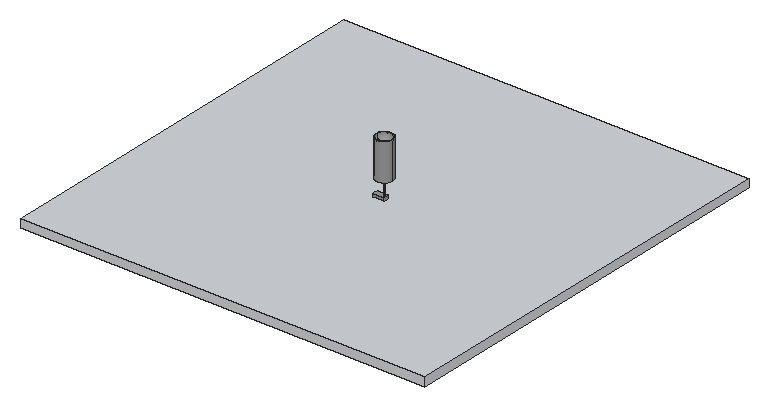
Revit family "LAMP_KOMBIC 100 SURFACE SUSPENDED TRACK OPAL TW", category Luminarias, Revit 2018
Family settings
  Anfitrión = Cara
  Cota de conector redondo = Diámetro de uso
  Tipo de pieza = Normal
  Corte con vacíos al cargar = No
  Origen de luz = Sí
  Compartido = No
  Punto de cálculo de habitación = No
Parameters (values of type "1246LM TWK DALI W/B")
  Ángulo de inclinación = -90.00°
  Weight = 0.498 kg
  UGR = ""
  Type = "COB BRIDGELUX"
  Protection rating = "IP40"
  Product datasheet = "http://www.lamp.es/product-files/TECH/K11ST2040OP9TWDWB-EN.pdf"
  Product code = "K11ST2040OP9TWDWB"
  Product URL = "https://www.lamp.es/en/family/kombic-surface_474354"
  Power Supply = "220-240V 50/60Hz"
  Power = 16 W
  Plum = 20.7 W
  Modelo = Product code  # "K11ST2040OP9TWDWB"
  Model explanation = "Possibility to modify the lenght of the suspension cable up to 1m"
  Material reflector = LAMP_PC Reflector Kombic Blanco
  Material floron = LAMP_Plástico genérico NG
  Material difusor = LAMP_PMMA Difusor Kombic
  Material cuerpo = LAMP_Plástico genérico NG
  Material cable suspension = LAMP_Acero genérico
  Manufacturer name = "LAMP"
  Manufacturer country = "Spain"
  Manufacturer URL = "http://www.lamp.es/en"
  MacAdam = "3"
  Luminaire type = "Suspended Track"
  Last update = "29/07/2021"
  Lamp = "COB LED"
  LED Lifetime = "70.000 L80 B10"
  Insulation class = "I"
  Installation instructions = "https://www.lamp.es/product-files/packed/by-family/474354_INS_all.zip"
  Initial color = "2700-5000K"
  IEE = "A"
  Wattage = 19.5 W
  built-in parameter 1150107 = 3000 (stored number, unit not read)
  built-in parameter 1150110 = 1 (stored number, unit not read)
  built-in parameter 1150109 = 1 (stored number, unit not read)
  built-in parameter 1150112 = 1 (stored number, unit not read)
  built-in parameter 1150113 = 1 (stored number, unit not read)
  built-in parameter 1114218 = 1 (stored number, unit not read)
  built-in parameter 1150137 = (empty or 0)
  built-in parameter 1150132 = 2
  built-in parameter 1150105 = 1115 (stored number, unit not read)
  built-in parameter 1150102 = (empty or 0)
  built-in parameter 1150106 = 11.15 (stored number, unit not read)
  Height suspension [instance] = 100 mm
  Height distance [instance] = if(Height suspension > 1 mm, if(Height suspension < 1000 mm, Height suspension, 1000 mm), 1 mm)  # 100 mm
  Height = 220 mm
  Gear = "Electronic"
  Lumens = 1246.05 lm
  Finish = "Matte black RAL 9011"
  Color Filter = 16777215
  built-in parameter 1114217 = 1 (stored number, unit not read)
  built-in parameter 1150139 = (empty or 0)
  Fabricante = Manufacturer name  # "LAMP"
  Default Elevation = 1219.2 mm
  built-in parameter 1150104 = 5.9365 (stored number, unit not read)
  Efficacy = 63.9 lm/W
  Diameter = 100 mm
  built-in parameter 1150115 = 1 (stored number, unit not read)
  built-in parameter 1150114 = 1 (stored number, unit not read)
  built-in parameter 1150138 = (empty or 0)
  built-in parameter 1150134 = (empty or 0)
  Dimming Lamp Color Temperature Shift = (empty or 0)
  CRI = "90"
  Archivo de red fotométrica = "K11rd2040OP9TWDWw.IES"
  built-in parameter 1150133 = 10 (stored number, unit not read)
Types (6, lengths in mm): name | Product datasheet | Product code | Plum | Modelo | Material reflector | Material cuerpo | built-in parameter 1150105 | built-in parameter 1150106 | Lumens | Finish | built-in parameter 1150104 | Efficacy | Archivo de red fotométrica
  1246LM TWK DALI W/B | "http://www.lamp.es/product-files/TECH/K11ST2040OP9TWDWB-EN.pdf" | "K11ST2040OP9TWDWB" | 20.7 W | "K11ST2040OP9TWDWB" | LAMP_PC Reflector Kombic Blanco | LAMP_Plástico genérico NG | 1115 (stored number, unit not read) | 11.15 (stored number, unit not read) | 1246.05 lm | "Matte black RAL 9011" | 5.9365 (stored number, unit not read) | 63.9 lm/W | "K11rd2040OP9TWDWw.IES"
  1246LM TWK DALI W/W | "http://www.lamp.es/product-files/TECH/K11ST2040OP9TWDWW-EN.pdf" | "K11ST2040OP9TWDWW" | 19.5 W | "K11ST2040OP9TWDWW" | LAMP_PC Reflector Kombic Blanco | LAMP_Plástico genérico BL | 1115 (stored number, unit not read) | 11.15 (stored number, unit not read) | 1246.05 lm | "Matte Traffic white RAL 9016" | 5.9365 (stored number, unit not read) | 63.9 lm/W | "K11rd2040OP9TWDWW.IES"
  1263LM TWK DALI M/B | "http://www.lamp.es/product-files/TECH/K11ST2040OP9TWDMB-EN.pdf" | "K11ST2040OP9TWDMB" | 20.7 W | "K11ST2040OP9TWDMB" | LAMP_PC Reflector Kombic Metalizado Mate | LAMP_Plástico genérico NG | 1130.7 (stored number, unit not read) | 11.307 (stored number, unit not read) | 1263.6 lm | "Matte black RAL 9011" | 6.0201 (stored number, unit not read) | 64.8 lm/W | "K11rd2040OP9TWDMw.IES"
  1263LM TWK DALI M/W | "http://www.lamp.es/product-files/TECH/K11ST2040OP9TWDMW-EN.pdf" | "K11ST2040OP9TWDMW" | 20.7 W | "K11ST2040OP9TWDMW" | LAMP_PC Reflector Kombic Metalizado Mate | LAMP_Plástico genérico BL | 1130.7 (stored number, unit not read) | 11.307 (stored number, unit not read) | 1263.6 lm | "Matte Traffic white RAL 9016" | 6.0201 (stored number, unit not read) | 64.8 lm/W | "K11rd2040OP9TWDMW.IES"
  1349LM TWK DALI BR/B | "http://www.lamp.es/product-files/TECH/K11ST2040OP9TWDRB-EN.pdf" | "K11ST2040OP9TWDRB" | 19.5 W | "K11ST2040OP9TWDRB" | LAMP_PC Reflector Kombic Metalizado Brillante | LAMP_Plástico genérico NG | 1207.5 (stored number, unit not read) | 12.075 (stored number, unit not read) | 1349.4 lm | "Matte black RAL 9011" | 6.4289 (stored number, unit not read) | 69.2 lm/W | "K11rd2040OP9TWDRw.IES"
  1349LM TWK DALI BR/W | "http://www.lamp.es/product-files/TECH/K11ST2040OP9TWDRW-EN.pdf" | "K11ST2040OP9TWDRW" | 20.7 W | "K11ST2040OP9TWDRW" | LAMP_PC Reflector Kombic Metalizado Brillante | LAMP_Plástico genérico BL | 1207.5 (stored number, unit not read) | 12.075 (stored number, unit not read) | 1349.4 lm | "Matte Traffic white RAL 9016" | 6.4289 (stored number, unit not read) | 69.2 lm/W | "K11rd2040OP9TWDRW.IES"
Reference planes
  plane 1 "Centro (Frontal/Posterior)": y = 0
  plane 2: z = 0
  plane 3 "Centro (Izquierda/Derecha)": x = 0
Forms (mm)
  Extrusion 1, solid
    sketch origin (0, 0, 0) x (1, 0, 0) y (0, 1, 0)
      loop
        line (-1219.2, 1219.2) -> (-1219.2, -1219.2) -> (1219.2, -1219.2) -> (1219.2, 1219.2) -> (-1219.2, 1219.2)
    from 0 to -50
  Extrusion 2, solid, material "LAMP_Plástico genérico NG" <- "Material cuerpo"
    sketch origin (0, 0, 0) x (1, 0, 0) y (0, 1, 0)
      loop
        circle (0, 0) r 50
    from 114 to 334
  Extrusion 3, void
    sketch origin (0, 0, 0) x (1, 0, 0) y (0, 1, 0)
      loop
        circle (0, 0) r 48
    from 130.273 to 334
  Sweep 4, solid, material "LAMP_PC Reflector Kombic Blanco" <- "Material reflector"
    path origin (105.103, -251.845, 334) x (1, 0, 0) y (0, 1, 0)
      loop
        circle (-105.103, 251.959) r 48
    profile origin (0, 48.114, 334) x (0, -1, 0) y (0, 0, 1)
      loop
        arc (0, 0) -> (6.616, -20.646) -> (24, -33.6) r 35.52
        line (24, -33.6) -> (24, -32.6)
        arc (24, -32.6) -> (7.196, -20.217) -> (2, 0) r 31.112
        line (2, 0) -> (0, 0)
  Extrusion 5, solid, material "LAMP_PMMA Difusor Kombic" <- "Material difusor"
    sketch origin (0, 0, 0) x (1, 0, 0) y (0, 1, 0)
      loop
        circle (0, 0) r 24
    from 300.4 to 301.4
  Extrusion 6, solid, material "LAMP_Plástico genérico NG" <- "Material cuerpo"
    sketch origin (0, 0, 0) x (1, 0, 0) y (0, 1, 0)
      loop
        arc (-54.442, 16) -> (-58.313, 0) -> (-54.442, -16) r 35
        line (-54.442, -16) -> (7.815, -16)
        arc (7.815, -16) -> (11.687, 0) -> (7.815, 16) r 35
        line (7.815, 16) -> (-54.442, 16)
    from -26 to 14
  Extrusion 7, void
    sketch origin (0, 0, 0) x (0, 1, 0) y (0, 0, 1)
      loop
        line (17, 0) -> (7, 0) -> (7, -25) -> (-7, -25) -> (-7, 0) -> (-17, 0) -> (-17, -26) -> (17, -26) -> (17, 0)
    from -59.309 to 12.887
  Extrusion 8, solid
    sketch origin (0, 0, 0) x (1, 0, 0) y (0, 1, 0)
      loop
        circle (0, 0) r 1
    from 14 to 114
Cuts and joins
  Extrusion 3 cuts Extrusion 2
  Extrusion 7 cuts Extrusion 6
Text (mm)
  text "Any modification of the parameters and properties of the LAMP BIM models must be executed and validated by the LAMP technical department.\nPhone: +34 93 736 68 00\nE-mail: lamp@lamp.es\n\nLAMP reserves the right to modify the technical specifications of its products." at (1856.491, -4316.333, -2622.127), in view "Preview"
Dimensions and locks
  locked: Extrusion 2 to Extrusion 2 at 220
  locked: cut or joined group of Extrusion 2, Extrusion 3 to cut or joined group of Extrusion 2, Extrusion 3 at 203.727
  "Height distance": cut or joined group of Extrusion 2, Extrusion 3 to cut or joined group of Extrusion 6, Extrusion 7
  locked: cut or joined group of Extrusion 6, Extrusion 7 to Extrusion 1 at 14
  aligned and locked: plane 2 to Extrusion 1
  aligned and locked: level to Extrusion 1
  aligned and locked: Extrusion 2 to Extrusion 3
  aligned and locked: Sweep 4 to Extrusion 5
  aligned and locked: Extrusion 5 to Sweep 4
  aligned and locked: imposter light to cut or joined group of Extrusion 2, Extrusion 3
  aligned and locked: Extrusion 8 to cut or joined group of Extrusion 6, Extrusion 7
  aligned and locked: cut or joined group of Extrusion 2, Extrusion 3 to Extrusion 8
Automatic sketch dimensions
  Extrusion 1 sketch curve to Extrusion 1 sketch curve = 2438.4 mm  (x2)
  plane 1 "Centro (Frontal/Posterior)" to Extrusion 2 sketch curve = 0 mm
  Extrusion 2 sketch curve to plane 3 "Centro (Izquierda/Derecha)" = 0 mm
  plane 1 "Centro (Frontal/Posterior)" to Extrusion 3 sketch curve = 0 mm
  Extrusion 3 sketch curve to plane 3 "Centro (Izquierda/Derecha)" = 0 mm
  Sweep 4 sketch curve to profile plane = 0 mm  (x2)
  Sweep 4 sketch curve to Sweep 4 sketch curve = 2 mm
  Sweep 4 sketch curve to profile plane = 24 mm
  Sweep 4 sketch curve to profile plane = 2.814 mm
  Sweep 4 sketch curve to Sweep 4 sketch curve = 8.984 mm
  Sweep 4 sketch curve to Sweep 4 sketch curve = 2.536 mm
  plane 1 "Centro (Frontal/Posterior)" to Extrusion 5 sketch curve = 0 mm
  Extrusion 5 sketch curve to plane 3 "Centro (Izquierda/Derecha)" = 0 mm
  Extrusion 6 sketch curve to Extrusion 6 sketch curve = 0 mm  (x2)
  plane 1 "Centro (Frontal/Posterior)" to Extrusion 6 sketch curve = 0 mm
  Extrusion 6 sketch curve to plane 1 "Centro (Frontal/Posterior)" = 16 mm
  Extrusion 6 sketch curve to plane 3 "Centro (Izquierda/Derecha)" = 54.442 mm
  plane 1 "Centro (Frontal/Posterior)" to Extrusion 6 sketch curve = 16 mm
  Extrusion 6 sketch curve to plane 3 "Centro (Izquierda/Derecha)" = 23.313 mm
  plane 3 "Centro (Izquierda/Derecha)" to Extrusion 6 sketch curve = 7.815 mm
  Extrusion 7 sketch curve to level = 0 mm  (x2)
  plane 1 "Centro (Frontal/Posterior)" to Extrusion 7 sketch curve = 17 mm
  plane 1 "Centro (Frontal/Posterior)" to Extrusion 7 sketch curve = 7 mm
  Extrusion 7 sketch curve to plane 1 "Centro (Frontal/Posterior)" = 7 mm
  Extrusion 7 sketch curve to Extrusion 7 sketch curve = 10 mm
  Extrusion 7 sketch curve to Extrusion 7 sketch curve = 25 mm
  Extrusion 7 sketch curve to Extrusion 7 sketch curve = 1 mm
  plane 1 "Centro (Frontal/Posterior)" to Extrusion 8 sketch curve = 0 mm
  Extrusion 8 sketch curve to plane 3 "Centro (Izquierda/Derecha)" = 0 mm
  radius of Extrusion 2 sketch curve = 50 mm
  radius of Extrusion 3 sketch curve = 48 mm
  radius of Sweep 4 sketch curve = 48 mm
  radius of Extrusion 5 sketch curve = 24 mm
  radius of Extrusion 8 sketch curve = 1 mm
Connectors
  electrical at (0, 0, 114)
    settings: on cut or joined group of Extrusion 2, Extrusion 3, index 1, voltage 230 V, apparent load 0 VA, apparent load phase1 0 VA, apparent load phase2 0 VA, apparent load phase3 0 VA, power factor 1, load classification "Otro", number of poles 1, system type 31, power factor state 1, is connector primary yes, connector utility no, sub classification motor no, connector description ""
